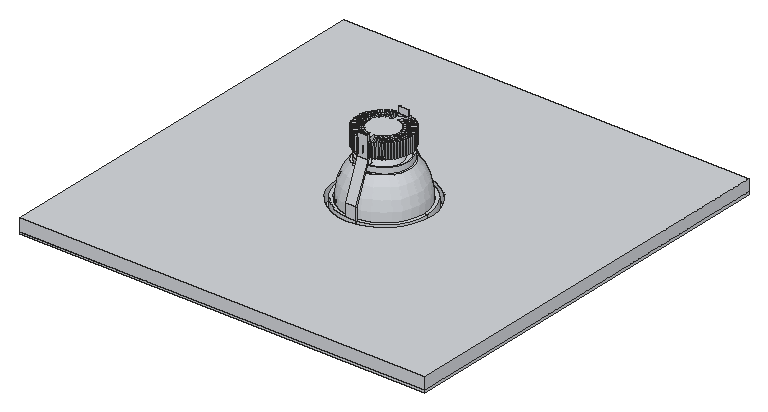
Revit family "Trimless VPX124 Double Washer", category Lighting Fixtures, Revit 2014
Parameters (values of type "Trimless VPX124 Double Washer")
  Wattage Comments = "19.5"
  Wattage = 19.5 W
  built-in parameter 1150110 = 1 (stored number, unit not read)
  Type Comments = "Recessed Trimless"
  Type = "Trimless VPX124 Double Wallwasher"
  built-in parameter 1114217 = 1 (stored number, unit not read)
  Tilt Angle = 90.00°
  built-in parameter 1150109 = 1 (stored number, unit not read)
  built-in parameter 1150134 = (empty or 0)
  built-in parameter 1150113 = 1 (stored number, unit not read)
  Photometric Web File = "C3908.ies"
  O/A Diameter (mm) = "124"
  Model = "VPX124 Double Wallwasher"
  Manufacturer = "Designed Architectural Lighting"
  Luminous flux of luminaire (lm) = "2000"
  Lumens = 1998.75 lm
  built-in parameter 1150115 = 1 (stored number, unit not read)
  built-in parameter 1150105 = 159.06 (stored number, unit not read)
  built-in parameter 1150137 = (empty or 0)
  built-in parameter 1150139 = (empty or 0)
  built-in parameter 1150112 = 1 (stored number, unit not read)
  built-in parameter 1150114 = 1 (stored number, unit not read)
  Lamp = "LED"
  built-in parameter 1150132 = (empty or 0)
  built-in parameter 1150102 = (empty or 0)
  built-in parameter 1150138 = (empty or 0)
  built-in parameter 1150107 = 3000 (stored number, unit not read)
  built-in parameter 1150106 = 1.5906 (stored number, unit not read)
  Height (mm) = "125"
  built-in parameter 1150104 = 9.5226 (stored number, unit not read)
  Dimming Lamp Color Temperature Shift = <None>
  Description = "Recessed low brightness LED Double Wallwasher"
  Cut Out (mm) = "140"
  Colour temperature (K) = "27000/3000/3500/4000"
  Color Filter = 16777215
  CRI = "80"
  built-in parameter 1114218 = 1 (stored number, unit not read)
  built-in parameter 1150133 = 10 (stored number, unit not read)
  Apparent Load = 19.5 VA
  Aperture (mm) = "104"
Reference planes
  plane 1 "Light Source Axis (F/B)": y = 0
  plane 2: z = 0
  plane 3 "Light Source Axis (L/R)": x = 0
  plane 4 "Light Source Elevation": z = 0
Forms (mm)
  Revolve 1, solid
    sketch origin (0, 0, 0) x (0, 1, 0) y (0, 0, 1)
      loop
        line (32.218, 76.537) -> (28.444, 76.537)
        arc (28.444, 76.537) -> (26.215, 75.748) -> (24.979, 73.732) r 3.542
        arc (24.979, 73.732) -> (15.057, 61.32) -> (0, 56.241) r 28.205
        line (0, 56.241) -> (0, 53.625)
        arc (0, 53.625) -> (17.499, 59.158) -> (28.444, 73.891) r 29.818
        line (28.444, 73.891) -> (32.218, 73.891) -> (32.218, 76.537)
      axis (0, 76.537) -> (0, 53.625)
    angle from 0 to 360
  Extrusion 2, solid
    sketch origin (1.875, -0.625, 0) x (1, 0, 0) y (0, 1, 0)
      loop
        line (-8.491, -38.066) -> (-8.491, -39.735) -> (6.509, -39.735) -> (6.509, -38.066) -> (-8.491, -38.066)
    from 92.996 to 125.22
  Extrusion 3, solid
    sketch origin (2.075, 80.578, 0) x (1, 0, 0) y (0, 1, 0)
      loop
        line (-9.083, -44.263) -> (-9.083, -45.652) -> (5.917, -45.652) -> (5.917, -44.263) -> (-9.083, -44.263)
    from 92.996 to 126.242
  Extrusion 4, solid
    sketch origin (2.075, -30.991, 0) x (1, 0, 0) y (0, 1, 0)
      loop
        line (-8.69, -30.82) -> (-8.69, -32.379) -> (6.31, -32.379) -> (6.31, -30.82) -> (-8.69, -30.82)
    from 3.8 to 40.975
  Extrusion 5, solid
    sketch origin (2.075, -21.759, 34.16) x (1, 0, 0) y (0, 0.914866, -0.403758)
      loop
        line (-8.69, -39.191) -> (-8.69, -40.839) -> (6.31, -40.839) -> (6.31, -39.191) -> (-8.69, -39.191)
    from -10.751 to 47.238
  Extrusion 6, solid
    sketch origin (2.075, 94.051, 69.507) x (1, 0, 0) y (0, 0.889554, 0.45683)
      loop
        line (-9.083, -40.714) -> (-9.083, -41.951) -> (5.917, -41.951) -> (5.917, -40.714) -> (-9.083, -40.714)
    from -11.237 to 48.07
  Extrusion 7, solid
    sketch origin (2.075, 110.905, 0) x (1, 0, 0) y (0, 1, 0)
      loop
        line (-9.083, -47.907) -> (-9.083, -49.183) -> (5.917, -49.183) -> (5.917, -47.907) -> (-9.083, -47.907)
    from 3.8 to 40.975
  Extrusion 8, solid
    sketch origin (-38.915, -66.166, 3.359) x (1, 0, 0) y (0, 1, 0)
      loop
        line (-261.085, 366.181) -> (-261.085, -233.819) -> (338.915, -233.819) -> (338.915, 366.181) -> (-261.085, 366.181)
      loop
        circle (38.915, 66.181) r 70
    from 0 to 18
  Revolve 9, solid
    sketch origin (0, 0, 0) x (0, 1, 0) y (0, 0, 1)
      loop
        line (32.58, 77.504) -> (25.618, 77.504) -> (19.543, 86.509)
        arc (19.543, 86.509) -> (19.242, 88.412) -> (20.857, 89.461) r 1.768
        line (20.857, 89.461) -> (27.065, 89.461)
        arc (27.065, 89.461) -> (28.652, 90.036) -> (29.779, 91.291) r 3.466
        line (29.779, 91.291) -> (29.779, 96.291) -> (28.776, 96.291) -> (28.776, 92.372)
        arc (28.776, 92.372) -> (28.206, 90.996) -> (26.83, 90.426) r 1.946
        line (26.83, 90.426) -> (20.734, 90.426)
        arc (20.734, 90.426) -> (18.503, 89.004) -> (18.665, 86.364) r 2.606
        line (18.665, 86.364) -> (25.283, 76.552) -> (32.58, 76.552) -> (32.58, 77.504)
      axis (0, 96.291) -> (0, 76.552)
    angle from 0 to 360
  Extrusion 10, solid
    sketch origin (0.632, -2.118, 0) x (0, 1, 0) y (-1, 0, 0)
      loop
        line (8.036, -21.346) -> (9.763, -25.224)
        arc (9.763, -25.224) -> (9.158, -26.377) -> (9.105, -27.677) r 2.965
        line (9.105, -27.677) -> (12.96, -37.219)
        arc (12.96, -37.219) -> (13.673, -37.522) -> (13.976, -36.809) r 0.548
        line (13.976, -36.809) -> (10.23, -27.537)
        arc (10.23, -27.537) -> (10.843, -26.092) -> (12.288, -26.705) r 1.11
        line (12.288, -26.705) -> (16.28, -35.672)
        arc (16.28, -35.672) -> (17.02, -35.956) -> (17.304, -35.216) r 0.56
        line (17.304, -35.216) -> (13.182, -25.959)
        arc (13.182, -25.959) -> (12.31, -24.958) -> (11.028, -24.618) r 2.262
        line (11.028, -24.618) -> (9.403, -20.596) -> (11.989, -19.445) -> (14.463, -22.849)
        arc (14.463, -22.849) -> (14.111, -24.102) -> (14.33, -25.385) r 2.965
        line (14.33, -25.385) -> (20.084, -33.917)
        arc (20.084, -33.917) -> (20.845, -34.065) -> (20.992, -33.305) r 0.548
        line (20.992, -33.305) -> (15.4, -25.014)
        arc (15.4, -25.014) -> (15.7, -23.474) -> (17.241, -23.773) r 1.11
        line (17.241, -23.773) -> (23.009, -31.713)
        arc (23.009, -31.713) -> (23.792, -31.837) -> (23.916, -31.055) r 0.56
        line (23.916, -31.055) -> (17.96, -22.857)
        arc (17.96, -22.857) -> (16.899, -22.059) -> (15.574, -21.994) r 2.262
        line (15.574, -21.994) -> (13.148, -18.397) -> (15.119, -16.427) -> (18.389, -19.585)
        arc (18.389, -19.585) -> (18.26, -20.88) -> (18.699, -22.105) r 2.965
        line (18.699, -22.105) -> (25.847, -29.508)
        arc (25.847, -29.508) -> (26.622, -29.522) -> (26.635, -28.747) r 0.548
        line (26.635, -28.747) -> (19.689, -21.554)
        arc (19.689, -21.554) -> (19.716, -19.985) -> (21.285, -20.012) r 1.11
        line (21.285, -20.012) -> (28.346, -26.83)
        arc (28.346, -26.83) -> (29.138, -26.816) -> (29.124, -26.024) r 0.56
        line (29.124, -26.024) -> (21.835, -18.985)
        arc (21.835, -18.985) -> (20.652, -18.383) -> (19.335, -18.549) r 2.262
        line (19.335, -18.549) -> (16.322, -15.429) -> (18.148, -13.304) -> (21.857, -15.622)
        arc (21.857, -15.622) -> (22.001, -16.916) -> (22.684, -18.023) r 2.965
        line (22.684, -18.023) -> (31.216, -23.778)
        arc (31.216, -23.778) -> (31.976, -23.63) -> (31.828, -22.87) r 0.548
        line (31.828, -22.87) -> (23.538, -17.278)
        arc (23.538, -17.278) -> (23.238, -15.737) -> (24.779, -15.438) r 1.11
        line (24.779, -15.438) -> (33.102, -20.639)
        arc (33.102, -20.639) -> (33.874, -20.461) -> (33.696, -19.689) r 0.56
        line (33.696, -19.689) -> (25.103, -14.319)
        arc (25.103, -14.319) -> (23.821, -13.977) -> (22.567, -14.412) r 2.262
        line (22.567, -14.412) -> (18.971, -11.987) -> (20.87, -9.394) -> (24.954, -10.962)
        arc (24.954, -10.962) -> (25.341, -12.204) -> (26.224, -13.161) r 2.965
        line (26.224, -13.161) -> (35.697, -17.182)
        arc (35.697, -17.182) -> (36.415, -16.892) -> (36.125, -16.174) r 0.548
        line (36.125, -16.174) -> (26.92, -12.267)
        arc (26.92, -12.267) -> (26.332, -10.811) -> (27.787, -10.224) r 1.11
        line (27.787, -10.224) -> (36.95, -13.741)
        arc (36.95, -13.741) -> (37.673, -13.419) -> (37.351, -12.695) r 0.56
        line (37.351, -12.695) -> (27.891, -9.063)
        arc (27.891, -9.063) -> (26.567, -8.972) -> (25.42, -9.639) r 2.262
        line (25.42, -9.639) -> (21.427, -7.944) -> (22.262, -3.209) -> (24.741, -3.209)
        arc (24.741, -3.209) -> (29.592, -5.948) -> (34.984, -7.347) r 21.462
        line (34.984, -7.347) -> (36.065, -8.428) -> (39.133, -8.428) -> (39.133, -7.36) -> (36.601, -7.36) -> (36.601, 7.64) -> (39.186, 7.64) -> (39.186, 8.514) -> (36.351, 8.514) -> (34.984, 7.592) -> (34.984, -2.408)
        arc (34.984, -2.408) -> (34.341, -3.853) -> (32.76, -3.798) r 1.415
        line (32.76, -3.798) -> (31.024, -2.537) -> (31.024, 3.409) -> (22.339, 3.409) -> (21.555, 7.853) -> (25.597, 9.568)
        arc (25.597, 9.568) -> (26.744, 8.901) -> (28.067, 8.992) r 2.262
        line (28.067, 8.992) -> (37.528, 12.624)
        arc (37.528, 12.624) -> (37.85, 13.348) -> (37.126, 13.67) r 0.56
        line (37.126, 13.67) -> (27.963, 10.153)
        arc (27.963, 10.153) -> (26.508, 10.741) -> (27.096, 12.196) r 1.11
        line (27.096, 12.196) -> (36.301, 16.103)
        arc (36.301, 16.103) -> (36.591, 16.821) -> (35.873, 17.111) r 0.548
        line (35.873, 17.111) -> (26.4, 13.09)
        arc (26.4, 13.09) -> (25.518, 12.133) -> (25.13, 10.891) r 2.965
        line (25.13, 10.891) -> (21.047, 9.323) -> (19.147, 11.916) -> (22.744, 14.341)
        arc (22.744, 14.341) -> (23.997, 13.906) -> (25.279, 14.248) r 2.262
        line (25.279, 14.248) -> (33.873, 19.618)
        arc (33.873, 19.618) -> (34.051, 20.39) -> (33.279, 20.568) r 0.56
        line (33.279, 20.568) -> (24.955, 15.367)
        arc (24.955, 15.367) -> (23.415, 15.666) -> (23.714, 17.207) r 1.11
        line (23.714, 17.207) -> (32.005, 22.799)
        arc (32.005, 22.799) -> (32.152, 23.559) -> (31.392, 23.707) r 0.548
        line (31.392, 23.707) -> (22.861, 17.952)
        arc (22.861, 17.952) -> (22.177, 16.845) -> (22.034, 15.551) r 2.965
        line (22.034, 15.551) -> (18.324, 13.233) -> (16.498, 15.358) -> (19.512, 18.478)
        arc (19.512, 18.478) -> (20.828, 18.312) -> (22.011, 18.914) r 2.262
        line (22.011, 18.914) -> (29.3, 25.953)
        arc (29.3, 25.953) -> (29.314, 26.745) -> (28.522, 26.759) r 0.56
        line (28.522, 26.759) -> (21.462, 19.941)
        arc (21.462, 19.941) -> (19.893, 19.914) -> (19.865, 21.483) r 1.11
        line (19.865, 21.483) -> (26.812, 28.676)
        arc (26.812, 28.676) -> (26.798, 29.451) -> (26.024, 29.437) r 0.548
        line (26.024, 29.437) -> (18.875, 22.034)
        arc (18.875, 22.034) -> (18.437, 20.809) -> (18.566, 19.514) r 2.965
        line (18.566, 19.514) -> (15.419, 16.475) -> (13.325, 18.326) -> (15.751, 21.923)
        arc (15.751, 21.923) -> (17.076, 21.988) -> (18.136, 22.786) r 2.262
        line (18.136, 22.786) -> (24.092, 30.984)
        arc (24.092, 30.984) -> (23.969, 31.766) -> (23.186, 31.642) r 0.56
        line (23.186, 31.642) -> (17.417, 23.702)
        arc (17.417, 23.702) -> (15.876, 23.403) -> (15.577, 24.943) r 1.11
        line (15.577, 24.943) -> (21.169, 33.234)
        arc (21.169, 33.234) -> (21.021, 33.994) -> (20.261, 33.846) r 0.548
        line (20.261, 33.846) -> (14.506, 25.315)
        arc (14.506, 25.315) -> (14.287, 24.031) -> (14.639, 22.778) r 2.965
        line (14.639, 22.778) -> (12.068, 19.24) -> (9.579, 20.525) -> (11.204, 24.548)
        arc (11.204, 24.548) -> (12.487, 24.887) -> (13.358, 25.888) r 2.262
        line (13.358, 25.888) -> (17.48, 35.145)
        arc (17.48, 35.145) -> (17.196, 35.885) -> (16.456, 35.601) r 0.56
        line (16.456, 35.601) -> (12.464, 26.634)
        arc (12.464, 26.634) -> (11.02, 26.021) -> (10.406, 27.466) r 1.11
        line (10.406, 27.466) -> (14.152, 36.738)
        arc (14.152, 36.738) -> (13.85, 37.451) -> (13.137, 37.148) r 0.548
        line (13.137, 37.148) -> (9.282, 27.606)
        arc (9.282, 27.606) -> (9.334, 26.306) -> (9.939, 25.153) r 2.965
        line (9.939, 25.153) -> (8.16, 21.157) -> (5.456, 21.949) -> (6.209, 26.222)
        arc (6.209, 26.222) -> (7.393, 26.82) -> (8.038, 27.98) r 2.262
        line (8.038, 27.98) -> (10.144, 37.892)
        arc (10.144, 37.892) -> (9.713, 38.557) -> (9.048, 38.125) r 0.56
        line (9.048, 38.125) -> (7.008, 28.525)
        arc (7.008, 28.525) -> (5.722, 27.625) -> (4.822, 28.91) r 1.11
        line (4.822, 28.91) -> (6.558, 38.758)
        arc (6.558, 38.758) -> (6.114, 39.393) -> (5.48, 38.949) r 0.548
        line (5.48, 38.949) -> (3.693, 28.814)
        arc (3.693, 28.814) -> (4.015, 27.553) -> (4.846, 26.551) r 2.965
        line (4.846, 26.551) -> (3.936, 22.272) -> (0.629, 22.571) -> (0.629, 26.945)
        arc (0.629, 26.945) -> (1.65, 27.752) -> (2.227, 28.919) r 2.965
        line (2.227, 28.919) -> (2.586, 39.204)
        arc (2.586, 39.204) -> (2.058, 39.77) -> (1.492, 39.242) r 0.548
        line (1.492, 39.242) -> (1.143, 29.248)
        arc (1.143, 29.248) -> (-0.005, 28.178) -> (-1.076, 29.325) r 1.11
        line (-1.076, 29.325) -> (-1.076, 39.14)
        arc (-1.076, 39.14) -> (-1.636, 39.7) -> (-2.196, 39.14) r 0.56
        line (-2.196, 39.14) -> (-2.196, 29.007)
        arc (-2.196, 29.007) -> (-1.807, 27.738) -> (-0.773, 26.906) r 2.262
        line (-0.773, 26.906) -> (-0.925, 22.571) -> (-3.664, 22.35) -> (-4.573, 26.629)
        arc (-4.573, 26.629) -> (-3.742, 27.631) -> (-3.42, 28.892) r 2.965
        line (-3.42, 28.892) -> (-5.207, 39.026)
        arc (-5.207, 39.026) -> (-5.842, 39.471) -> (-6.286, 38.836) r 0.548
        line (-6.286, 38.836) -> (-4.55, 28.988)
        arc (-4.55, 28.988) -> (-5.45, 27.703) -> (-6.735, 28.603) r 1.11
        line (-6.735, 28.603) -> (-8.776, 38.203)
        arc (-8.776, 38.203) -> (-9.441, 38.635) -> (-9.872, 37.97) r 0.56
        line (-9.872, 37.97) -> (-7.765, 28.058)
        arc (-7.765, 28.058) -> (-7.121, 26.898) -> (-5.937, 26.3) r 2.262
        line (-5.937, 26.3) -> (-5.184, 22.027) -> (-7.888, 21.235) -> (-9.667, 25.231)
        arc (-9.667, 25.231) -> (-9.062, 26.384) -> (-9.009, 27.684) r 2.965
        line (-9.009, 27.684) -> (-12.864, 37.226)
        arc (-12.864, 37.226) -> (-13.577, 37.529) -> (-13.88, 36.816) r 0.548
        line (-13.88, 36.816) -> (-10.134, 27.544)
        arc (-10.134, 27.544) -> (-10.747, 26.099) -> (-12.192, 26.712) r 1.11
        line (-12.192, 26.712) -> (-16.184, 35.679)
        arc (-16.184, 35.679) -> (-16.924, 35.963) -> (-17.208, 35.223) r 0.56
        line (-17.208, 35.223) -> (-13.086, 25.966)
        arc (-13.086, 25.966) -> (-12.215, 24.965) -> (-10.932, 24.625) r 2.262
        line (-10.932, 24.625) -> (-9.307, 20.603) -> (-11.796, 19.318) -> (-14.367, 22.856)
        arc (-14.367, 22.856) -> (-14.015, 24.109) -> (-14.234, 25.393) r 2.965
        line (-14.234, 25.393) -> (-19.988, 33.924)
        arc (-19.988, 33.924) -> (-20.749, 34.072) -> (-20.897, 33.312) r 0.548
        line (-20.897, 33.312) -> (-15.305, 25.021)
        arc (-15.305, 25.021) -> (-15.604, 23.481) -> (-17.145, 23.78) r 1.11
        line (-17.145, 23.78) -> (-22.914, 31.72)
        arc (-22.914, 31.72) -> (-23.696, 31.844) -> (-23.82, 31.062) r 0.56
        line (-23.82, 31.062) -> (-17.864, 22.864)
        arc (-17.864, 22.864) -> (-16.804, 22.066) -> (-15.478, 22.001) r 2.262
        line (-15.478, 22.001) -> (-13.053, 18.404) -> (-15.147, 16.553) -> (-18.293, 19.592)
        arc (-18.293, 19.592) -> (-18.165, 20.887) -> (-18.603, 22.112) r 2.965
        line (-18.603, 22.112) -> (-25.752, 29.515)
        arc (-25.752, 29.515) -> (-26.526, 29.529) -> (-26.54, 28.754) r 0.548
        line (-26.54, 28.754) -> (-19.593, 21.561)
        arc (-19.593, 21.561) -> (-19.62, 19.992) -> (-21.19, 20.019) r 1.11
        line (-21.19, 20.019) -> (-28.25, 26.837)
        arc (-28.25, 26.837) -> (-29.042, 26.823) -> (-29.028, 26.031) r 0.56
        line (-29.028, 26.031) -> (-21.739, 18.992)
        arc (-21.739, 18.992) -> (-20.556, 18.39) -> (-19.24, 18.556) r 2.262
        line (-19.24, 18.556) -> (-16.226, 15.436) -> (-18.052, 13.311) -> (-21.761, 15.629)
        arc (-21.761, 15.629) -> (-21.905, 16.923) -> (-22.588, 18.03) r 2.965
        line (-22.588, 18.03) -> (-31.12, 23.785)
        arc (-31.12, 23.785) -> (-31.88, 23.637) -> (-31.732, 22.877) r 0.548
        line (-31.732, 22.877) -> (-23.442, 17.285)
        arc (-23.442, 17.285) -> (-23.143, 15.744) -> (-24.683, 15.445) r 1.11
        line (-24.683, 15.445) -> (-33.007, 20.646)
        arc (-33.007, 20.646) -> (-33.779, 20.468) -> (-33.6, 19.696) r 0.56
        line (-33.6, 19.696) -> (-25.007, 14.326)
        arc (-25.007, 14.326) -> (-23.725, 13.984) -> (-22.472, 14.419) r 2.262
        line (-22.472, 14.419) -> (-18.979, 12.063) -> (-20.774, 9.401) -> (-24.858, 10.969)
        arc (-24.858, 10.969) -> (-25.245, 12.211) -> (-26.128, 13.168) r 2.965
        line (-26.128, 13.168) -> (-35.601, 17.189)
        arc (-35.601, 17.189) -> (-36.319, 16.899) -> (-36.029, 16.181) r 0.548
        line (-36.029, 16.181) -> (-26.824, 12.274)
        arc (-26.824, 12.274) -> (-26.236, 10.819) -> (-27.691, 10.231) r 1.11
        line (-27.691, 10.231) -> (-36.854, 13.748)
        arc (-36.854, 13.748) -> (-37.578, 13.426) -> (-37.255, 12.702) r 0.56
        line (-37.255, 12.702) -> (-27.795, 9.07)
        arc (-27.795, 9.07) -> (-26.471, 8.979) -> (-25.324, 9.646) r 2.262
        line (-25.324, 9.646) -> (-21.289, 7.933) -> (-22.142, 3.096) -> (-24.544, 3.096)
        arc (-24.544, 3.096) -> (-29.395, 5.836) -> (-34.788, 7.235) r 21.462
        line (-34.788, 7.235) -> (-35.869, 8.316) -> (-38.936, 8.316) -> (-38.936, 7.247) -> (-36.404, 7.247) -> (-36.404, -7.753) -> (-38.989, -7.753) -> (-38.989, -8.626) -> (-36.154, -8.626) -> (-34.788, -7.705) -> (-34.788, 2.295)
        arc (-34.788, 2.295) -> (-34.144, 3.741) -> (-32.563, 3.686) r 1.415
        line (-32.563, 3.686) -> (-30.827, 2.424) -> (-30.827, -3.521) -> (-22.142, -3.521) -> (-21.155, -7.866) -> (-25.148, -9.561)
        arc (-25.148, -9.561) -> (-26.295, -8.894) -> (-27.619, -8.985) r 2.262
        line (-27.619, -8.985) -> (-37.079, -12.617)
        arc (-37.079, -12.617) -> (-37.401, -13.341) -> (-36.677, -13.663) r 0.56
        line (-36.677, -13.663) -> (-27.514, -10.146)
        arc (-27.514, -10.146) -> (-26.059, -10.734) -> (-26.647, -12.189) r 1.11
        line (-26.647, -12.189) -> (-35.852, -16.096)
        arc (-35.852, -16.096) -> (-36.142, -16.814) -> (-35.424, -17.104) r 0.548
        line (-35.424, -17.104) -> (-25.951, -13.083)
        arc (-25.951, -13.083) -> (-25.069, -12.126) -> (-24.681, -10.884) r 2.965
        line (-24.681, -10.884) -> (-20.598, -9.316) -> (-18.802, -11.978) -> (-22.295, -14.334)
        arc (-22.295, -14.334) -> (-23.548, -13.899) -> (-24.83, -14.241) r 2.262
        line (-24.83, -14.241) -> (-33.424, -19.611)
        arc (-33.424, -19.611) -> (-33.602, -20.383) -> (-32.83, -20.561) r 0.56
        line (-32.83, -20.561) -> (-24.507, -15.36)
        arc (-24.507, -15.36) -> (-22.966, -15.659) -> (-23.266, -17.2) r 1.11
        line (-23.266, -17.2) -> (-31.556, -22.792)
        arc (-31.556, -22.792) -> (-31.704, -23.552) -> (-30.943, -23.7) r 0.548
        line (-30.943, -23.7) -> (-22.412, -17.945)
        arc (-22.412, -17.945) -> (-21.728, -16.838) -> (-21.585, -15.544) r 2.965
        line (-21.585, -15.544) -> (-17.876, -13.226) -> (-16.05, -15.351) -> (-19.063, -18.471)
        arc (-19.063, -18.471) -> (-20.38, -18.305) -> (-21.562, -18.907) r 2.262
        line (-21.562, -18.907) -> (-28.852, -25.946)
        arc (-28.852, -25.946) -> (-28.866, -26.738) -> (-28.073, -26.752) r 0.56
        line (-28.073, -26.752) -> (-21.013, -19.934)
        arc (-21.013, -19.934) -> (-19.444, -19.907) -> (-19.417, -21.476) r 1.11
        line (-19.417, -21.476) -> (-26.363, -28.669)
        arc (-26.363, -28.669) -> (-26.35, -29.444) -> (-25.575, -29.43) r 0.548
        line (-25.575, -29.43) -> (-18.426, -22.027)
        arc (-18.426, -22.027) -> (-17.988, -20.802) -> (-18.117, -19.507) r 2.965
        line (-18.117, -19.507) -> (-14.971, -16.468) -> (-12.876, -18.319) -> (-15.302, -21.916)
        arc (-15.302, -21.916) -> (-16.627, -21.981) -> (-17.688, -22.779) r 2.262
        line (-17.688, -22.779) -> (-23.644, -30.977)
        arc (-23.644, -30.977) -> (-23.52, -31.759) -> (-22.737, -31.635) r 0.56
        line (-22.737, -31.635) -> (-16.968, -23.695)
        arc (-16.968, -23.695) -> (-15.428, -23.396) -> (-15.128, -24.936) r 1.11
        line (-15.128, -24.936) -> (-20.72, -33.227)
        arc (-20.72, -33.227) -> (-20.572, -33.987) -> (-19.812, -33.839) r 0.548
        line (-19.812, -33.839) -> (-14.057, -25.308)
        arc (-14.057, -25.308) -> (-13.838, -24.024) -> (-14.19, -22.771) r 2.965
        line (-14.19, -22.771) -> (-11.619, -19.233) -> (-9.13, -20.518) -> (-10.756, -24.541)
        arc (-10.756, -24.541) -> (-12.038, -24.88) -> (-12.91, -25.881) r 2.262
        line (-12.91, -25.881) -> (-17.031, -35.138)
        arc (-17.031, -35.138) -> (-16.747, -35.878) -> (-16.008, -35.594) r 0.56
        line (-16.008, -35.594) -> (-12.016, -26.627)
        arc (-12.016, -26.627) -> (-10.571, -26.014) -> (-9.958, -27.459) r 1.11
        line (-9.958, -27.459) -> (-13.704, -36.731)
        arc (-13.704, -36.731) -> (-13.401, -37.444) -> (-12.688, -37.141) r 0.548
        line (-12.688, -37.141) -> (-8.833, -27.599)
        arc (-8.833, -27.599) -> (-8.886, -26.299) -> (-9.49, -25.146) r 2.965
        line (-9.49, -25.146) -> (-7.711, -21.15) -> (-5.621, -22.23) -> (-6.224, -26.518)
        arc (-6.224, -26.518) -> (-7.386, -27.158) -> (-7.99, -28.34) r 2.262
        line (-7.99, -28.34) -> (-9.749, -38.319)
        arc (-9.749, -38.319) -> (-9.295, -38.968) -> (-8.646, -38.514) r 0.56
        line (-8.646, -38.514) -> (-6.942, -28.848)
        arc (-6.942, -28.848) -> (-5.688, -27.904) -> (-4.744, -29.157) r 1.11
        line (-4.744, -29.157) -> (-6.135, -39.06)
        arc (-6.135, -39.06) -> (-5.669, -39.678) -> (-5.051, -39.212) r 0.548
        line (-5.051, -39.212) -> (-3.618, -29.021)
        arc (-3.618, -29.021) -> (-3.984, -27.772) -> (-4.85, -26.8) r 2.965
        line (-4.85, -26.8) -> (-4.09, -22.492) -> (-0.819, -23.069) -> (-0.666, -27.446)
        arc (-0.666, -27.446) -> (-1.7, -28.278) -> (-2.089, -29.546) r 2.262
        line (-2.089, -29.546) -> (-2.089, -39.679)
        arc (-2.089, -39.679) -> (-1.529, -40.24) -> (-0.968, -39.679) r 0.56
        line (-0.968, -39.679) -> (-0.968, -29.865)
        arc (-0.968, -29.865) -> (0.102, -28.717) -> (1.25, -29.787) r 1.11
        line (1.25, -29.787) -> (1.599, -39.781)
        arc (1.599, -39.781) -> (2.165, -40.309) -> (2.694, -39.743) r 0.548
        line (2.694, -39.743) -> (2.334, -29.458)
        arc (2.334, -29.458) -> (1.757, -28.291) -> (0.736, -27.484) r 2.965
        line (0.736, -27.484) -> (0.736, -23.11) -> (4.345, -22.474) -> (5.122, -26.878)
        arc (5.122, -26.878) -> (4.256, -27.85) -> (3.891, -29.099) r 2.965
        line (3.891, -29.099) -> (5.323, -39.29)
        arc (5.323, -39.29) -> (5.941, -39.756) -> (6.408, -39.138) r 0.548
        line (6.408, -39.138) -> (5.016, -29.235)
        arc (5.016, -29.235) -> (5.96, -27.981) -> (7.214, -28.926) r 1.11
        line (7.214, -28.926) -> (8.918, -38.592)
        arc (8.918, -38.592) -> (9.567, -39.046) -> (10.022, -38.397) r 0.56
        line (10.022, -38.397) -> (8.262, -28.418)
        arc (8.262, -28.418) -> (7.658, -27.236) -> (6.496, -26.596) r 2.262
        line (6.496, -26.596) -> (5.892, -22.3) -> (8.036, -21.346)
    from 96.291 to 117.627
  Revolve 11, solid
    sketch origin (0, 0, 0) x (1, 0, 0) y (0, 0, 1)
      loop
        line (-61.524, 0.162) -> (-61.524, 1.656) -> (-60.366, 1.656) -> (-60.366, 10.169) -> (-57.081, 10.169) -> (-57.081, 12.23) -> (-59.73, 12.23) -> (-59.73, 22.23) -> (-64.077, 22.23) -> (-64.077, 5.296) -> (-68.921, 5.296) -> (-68.921, 3.22) -> (-65.416, 3.22) -> (-62.978, 3.22) -> (-62.328, 0.162) -> (-61.524, 0.162)
      axis (0, 22.23) -> (0, 0.162)
    angle from 0 to 360
  Extrusion 12, solid
    sketch origin (-38.915, -66.166, 3.359) x (1, 0, 0) y (0, 1, 0)
      loop
        line (-261.085, 366.181) -> (-261.085, -233.819) -> (338.915, -233.819) -> (338.915, 366.181) -> (-261.085, 366.181)
      loop
        circle (38.915, 66.181) r 62
    from -3.359 to 0
  Revolve 13, solid
    sketch origin (0, -0.011, 1.25) x (0, 1, 0) y (0, 0, 1)
      loop
        line (53.08, 1.419) -> (52.339, -1.094) -> (61.499, -1.094) -> (61.499, 0.325) -> (54.149, 0.325) -> (54.471, 1.419) -> (54.832, 2.643)
        arc (54.832, 2.643) -> (56.16, 39.832) -> (39.444, 73.079) r 74.979
        line (39.444, 73.079) -> (36.165, 73.079) -> (36.165, 81.192) -> (34.654, 81.192) -> (34.654, 71.192) -> (38.773, 71.192)
        arc (38.773, 71.192) -> (55.028, 38.172) -> (53.08, 1.419) r 72.895
      axis (0, 81.192) -> (0, -1.094)
    angle from 0 to 360
Dimensions and locks
  aligned and locked: plane 3 "Light Source Axis (L/R)" to imposter light
  aligned and locked: plane 1 "Light Source Axis (F/B)" to imposter light
  aligned and locked: plane 4 "Light Source Elevation" to imposter light
  aligned and locked: level to plane 2
